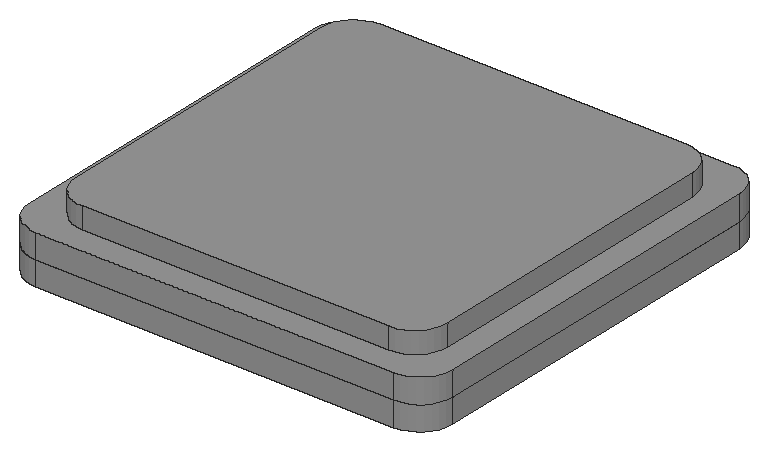
Revit family "FMS2_63_UN_Surface-mounted_ETK", category Lighting Fixtures, Revit 2019 (continued)
Definition of nested family "FMS.2 - Lightsource"
  Types (14, lengths in mm): name | Wattage Comments | Wattage | built-in parameter 1150134 | Photometric Web File | built-in parameter 1150142 | built-in parameter 1150105 | Lumens | built-in parameter 1150107 | built-in parameter 1150106 | Apparent Load
    FMS.1413.10 - Ø400 / 38W / 2800lm / 4000K | "38W" | 18.8499 W | 12 | "FMS.1413.10.ies" | "IESNA:LM-63-2002\r\n[TEST] /2015\r\n[TESTLAB] ies2eulumdat.appspot.com\r\n[ISSUEDATE] 2021-10-05T13:48:16.536\r\n[MANUFAC] www.etk.nl\r\n[LUMCAT] FMS.1413.10\r\n[LUMINAIRE] FMS.1 LED 38W 4000K 2800lm DALI ø400 Ledeshi Slice circle IV DALI\r\n[LAMPCAT] LED\r\n[LAMP] LED\r\nTILT=NONE\r\n1\t2862\t1\t181\t72\t1\t2\t-0.400\t-0.400\t0\r\n1.0\t1.0\t15.60\r\n0\t 0.5\t 1\t 1.5\t 2\t 2.5\t 3\t 3.5\t 4\t 4.5\r\n5\t 5.5\t 6\t 6.5\t 7\t 7.5\t 8\t 8.5\t 9\t 9.5\r\n10\t 10.5\t 11\t 11.5\t 12\t 12.5\t 13\t 13.5\t 14\t 14.5\r\n15\t 15.5\t 16\t 16.5\t 17\t 17.5\t 18\t 18.5\t 19\t 19.5\r\n20\t 20.5\t 21\t 21.5\t 22\t 22.5\t 23\t 23.5\t 24\t 24.5\r\n25\t 25.5\t 26\t 26.5\t 27\t 27.5\t 28\t 28.5\t 29\t 29.5\r\n30\t 30.5\t 31\t 31.5\t 32\t 32.5\t 33\t 33.5\t 34\t 34.5\r\n35\t 35.5\t 36\t 36.5\t 37\t 37.5\t 38\t 38.5\t 39\t 39.5\r\n40\t 40.5\t 41\t 41.5\t 42\t 42.5\t 43\t 43.5\t 44\t 44.5\r\n45\t 45.5\t 46\t 46.5\t 47\t 47.5\t 48\t 48.5\t 49\t 49.5\r\n50\t 50.5\t 51\t 51.5\t 52\t 52.5\t 53\t 53.5\t 54\t 54.5\r\n55\t 55.5\t 56\t 56.5\t 57\t 57.5\t 58\t 58.5\t 59\t 59.5\r\n60\t 60.5\t 61\t 61.5\t 62\t 62.5\t 63\t 63.5\t 64\t 64.5\r\n65\t 65.5\t 66\t 66.5\t 67\t 67.5\t 68\t 68.5\t 69\t 69.5\r\n70\t 70.5\t 71\t 71.5\t 72\t 72.5\t 73\t 73.5\t 74\t 74.5\r\n75\t 75.5\t 76\t 76.5\t 77\t 77.5\t 78\t 78.5\t 79\t 79.5\r\n80\t 80.5\t 81\t 81.5\t 82\t 82.5\t 83\t 83.5\t 84\t 84.5\r\n85\t 85.5\t 86\t 86.5\t 87\t 87.5\t 88\t 88.5\t 89\t 89.5\r\n90\r\n0\t 5\t 10\t 15\t 20\t 25\t 30\t 35\t 40\t 45\r\n50\t 55\t 60\t 65\t 70\t 75\t 80\t 85\t 90\t 95\r\n100\t 105\t 110\t 115\t 120\t 125\t 130\t 135\t 140\t 145\r\n150\t 155\t 160\t 165\t 170\t 175\t 180\t 185\t 190\t 195\r\n200\t 205\t 210\t 215\t 220\t 225\t 230\t 235\t 240\t 245\r\n250\t 255\t 260\t 265\t 270\t 275\t 280\t 285\t 290\t 295\r\n300\t 305\t 310\t 315\t 320\t 325\t 330\t 335\t 340\t 345\r\n350\t 355\r\n985.1004\t984.2418\t983.3832\t983.6694\t983.6694\t983.6694\t983.6694\t983.097\t982.2384\t981.3798\r\n980.5212\t979.9488\t979.3764\t978.2316\t976.8006\t975.6558\t974.511\t972.7938\t971.0766\t969.6456\r\n968.2146\t966.2112\t964.2078\t962.4906\t960.4872\t958.4838\t956.4804\t954.477\t952.4736\t950.184\r\n947.8944\t945.0324\t942.4566\t939.5946\t936.7326\t933.8706\t930.7224\t927.288\t923.8536\t920.9916\r\n918.4158\t914.6952\t910.9746\t907.254\t903.5334\t899.8128\t896.0922\t891.7992\t887.5062\t883.4994\r\n879.2064\t875.1996\t870.9066\t866.8998\t862.6068\t857.7414\t853.1622\t848.0106\t842.859\t837.9936\r\n833.1282\t828.549\t823.9698\t819.1044\t813.9528\t808.515\t803.0772\t797.9256\t792.774\t787.05\r\n781.326\t775.602\t770.1642\t764.154\t758.1438\t752.706\t746.982\t740.9718\t734.9616\t728.6652\r\n722.655\t716.6448\t710.6346\t704.3382\t698.328\t692.0316\t685.7352\t678.8664\t672.2838\t665.415\r\n658.5462\t651.9636\t645.381\t638.7984\t632.502\t625.347\t618.192\t611.3232\t604.1682\t597.5856\r\n590.7168\t583.5618\t576.4068\t568.9656\t561.5244\t554.3694\t546.9282\t539.487\t532.0458\t524.6046\r\n517.1634\t510.0084\t502.5672\t495.126\t487.6848\t480.2436\t472.8024\t465.075\t457.0614\t449.334\r\n441.3204\t433.8792\t426.1518\t418.1382\t410.1246\t402.3972\t394.3836\t386.37\t378.3564\t370.629\r\n362.6154\t354.6018\t346.5882\t338.5746\t330.8472\t322.5474\t314.5338\t306.8064\t298.7928\t291.0654\r\n283.0804\t275.0096\t266.9387\t258.9824\t251.0546\t243.3272\t235.6285\t227.8152\t220.0019\t212.4176\r\n204.8333\t197.3349\t189.8651\t182.5384\t175.2116\t167.8563\t160.5296\t153.6608\t146.792\t139.9232\r\n133.0544\t126.4432\t119.8319\t113.4783\t107.1247\t100.9427\t94.7608\t88.9223\t83.0552\t77.3885\r\n71.7503\t66.4556\t61.1609\t56.5245\t51.8594\t47.223\t42.5866\t39.8677\t37.1488\t36.4046\r\n35.6319\r\n985.1004\t984.2418\t983.3832\t983.3832\t983.3832\t983.3832\t983.3832\t982.5246\t981.666\t980.8074\r\n979.9488\t979.3764\t978.804\t977.373\t975.942\t974.7972\t973.6524\t971.9352\t970.218\t968.5008\r\n967.0698\t965.0664\t963.3492\t961.3458\t959.3424\t957.0528\t955.0494\t953.046\t951.0426\t948.753\r\n946.4634\t943.6014\t940.7394\t937.8774\t935.0154\t931.8672\t928.719\t925.5708\t922.1364\t918.9882\r\n916.1262\t912.6918\t908.9712\t905.2506\t901.53\t897.8094\t893.8026\t889.5096\t885.5028\t881.2098\r\n877.203\t872.91\t868.617\t864.324\t860.031\t855.4518\t850.8726\t846.0072\t840.8556\t835.9902\r\n831.1248\t826.5456\t821.6802\t816.8148\t811.6632\t806.5116\t801.0738\t795.636\t790.4844\t785.0466\r\n779.3226\t773.5986\t768.1608\t762.4368\t756.7128\t750.7026\t744.9786\t738.9684\t732.9582\t726.948\r\n720.9378\t714.6414\t708.6312\t702.621\t696.6108\t690.3144\t684.018\t677.4354\t670.8528\t664.2702\r\n657.4014\t650.8188\t644.2362\t637.6536\t631.071\t624.4884\t617.3334\t610.4646\t603.5958\t596.727\r\n589.8582\t582.9894\t575.8344\t568.6794\t561.5244\t554.3694\t546.9282\t539.7732\t532.332\t524.8908\r\n517.4496\t510.2946\t503.1396\t495.9846\t488.2572\t480.5298\t472.8024\t465.3612\t457.6338\t450.1926\r\n442.4652\t434.7378\t427.0104\t419.283\t411.2694\t403.542\t395.8146\t388.0872\t380.0736\t372.06\r\n364.0464\t356.0328\t347.733\t339.7194\t331.4196\t323.406\t315.1062\t307.0926\t299.079\t291.0654\r\n283.0232\t275.0668\t267.0818\t259.0682\t251.1977\t243.4417\t235.6571\t227.8724\t220.2023\t212.6466\r\n205.1768\t197.7928\t190.4089\t183.0249\t175.4978\t168.3142\t161.1878\t154.0615\t146.9923\t140.238\r\n133.684\t127.2731\t120.9767\t114.6803\t107.6971\t100.5134\t92.9864\t85.1445\t76.9592\t68.4018\r\n60.1306\t52.4318\t45.5058\t39.8677\t35.0595\t31.7968\t29.0779\t26.4964\t24.0866\t3.3772\r\n0\r\n985.1004\t984.2418\t983.097\t983.097\t983.097\t983.097\t983.097\t982.2384\t981.3798\t980.235\r\n979.3764\t978.804\t977.9454\t976.8006\t975.3696\t973.9386\t972.7938\t971.0766\t969.3594\t967.6422\r\n966.2112\t964.494\t962.4906\t960.4872\t958.4838\t956.1942\t954.1908\t951.9012\t949.8978\t947.6082\r\n945.3186\t942.7428\t939.8808\t937.0188\t933.8706\t931.0086\t927.8604\t924.7122\t921.2778\t918.1296\r\n914.9814\t911.8332\t908.1126\t904.392\t900.6714\t897.237\t893.2302\t889.2234\t884.9304\t880.9236\r\n876.6306\t872.3376\t868.3308\t864.0378\t859.4586\t855.1656\t850.5864\t846.0072\t841.1418\t836.5626\r\n831.6972\t826.8318\t821.9664\t817.101\t812.2356\t807.3702\t801.9324\t796.4946\t791.343\t786.1914\r\n780.7536\t775.3158\t769.5918\t764.154\t758.7162\t752.9922\t747.2682\t741.258\t735.2478\t729.2376\r\n723.2274\t717.2172\t711.4932\t705.1968\t699.4728\t693.4626\t687.4524\t681.156\t674.8596\t668.5632\r\n662.2668\t655.398\t648.5292\t641.6604\t634.5054\t627.6366\t620.7678\t613.6128\t606.4578\t599.3028\r\n591.8616\t584.9928\t577.8378\t570.3966\t563.2416\t555.8004\t548.3592\t540.918\t533.4768\t525.7494\r\n518.3082\t510.5808\t503.1396\t495.4122\t487.971\t480.5298\t472.8024\t465.075\t457.3476\t449.6202\r\n441.8928\t434.1654\t426.438\t418.4244\t410.697\t402.9696\t395.5284\t387.801\t380.3598\t372.3462\r\n364.3326\t356.0328\t347.733\t339.7194\t331.4196\t323.406\t315.3924\t307.3788\t299.3652\t291.6378\r\n283.6242\t275.8109\t268.1122\t260.4706\t252.9436\t245.4451\t237.9753\t230.2479\t222.2629\t214.4497\r\n206.6936\t198.9949\t191.3819\t183.8835\t176.5282\t169.2873\t162.3326\t155.378\t148.2802\t141.2969\r\n134.4854\t127.7883\t121.1198\t114.5086\t106.9816\t98.9393\t90.983\t83.1983\t75.614\t68.5449\r\n62.134\t55.9521\t50.085\t44.7331\t40.4687\t36.376\t32.4265\t21.7541\t4.4819\t0\r\n0\r\n985.1004\t983.9556\t983.097\t983.097\t983.097\t982.8108\t982.5246\t981.9522\t980.8074\t979.9488\r\n979.0902\t978.2316\t977.373\t976.2282\t974.7972\t973.3662\t972.2214\t970.7904\t968.787\t967.0698\r\n965.6388\t963.9216\t961.9182\t959.9148\t957.9114\t955.908\t953.6184\t951.3288\t949.3254\t947.0358\r\n944.7462\t942.4566\t939.5946\t936.7326\t933.5844\t930.7224\t927.5742\t924.426\t921.2778\t918.1296\r\n914.9814\t911.8332\t908.3988\t904.6782\t901.2438\t897.8094\t894.0888\t890.082\t886.0752\t881.7822\r\n877.7754\t873.7686\t869.4756\t865.4688\t861.1758\t856.5966\t852.3036\t847.7244\t843.4314\t838.8522\r\n834.273\t829.6938\t824.8284\t819.963\t815.3838\t810.5184\t805.653\t800.5014\t795.0636\t789.6258\r\n783.9018\t778.464\t772.4538\t766.7298\t760.7196\t754.9956\t748.9854\t742.9752\t736.3926\t730.0962\r\n723.7998\t717.2172\t710.9208\t704.6244\t698.328\t692.0316\t685.7352\t679.4388\t672.8562\t666.2736\r\n659.691\t652.8222\t646.2396\t639.3708\t632.7882\t625.9194\t619.0506\t612.1818\t605.313\t598.4442\r\n591.8616\t584.7066\t577.8378\t570.6828\t563.814\t556.659\t549.504\t542.0628\t534.9078\t527.7528\r\n520.3116\t512.8704\t505.143\t497.1294\t489.402\t481.3884\t473.661\t466.2198\t458.4924\t450.765\r\n443.0376\t435.3102\t427.2966\t419.5692\t411.8418\t404.1144\t396.387\t388.6596\t381.2184\t373.491\r\n366.0498\t358.3224\t350.3088\t342.009\t333.9954\t325.6956\t317.3958\t309.096\t301.0824\t293.0688\r\n285.0552\t277.1275\t269.3142\t261.6154\t253.9739\t246.3896\t238.6336\t230.62\t222.8067\t215.1365\r\n207.5522\t200.0824\t192.6985\t185.429\t178.2454\t171.2048\t164.0785\t156.9521\t149.9974\t143.1286\r\n136.4315\t129.7917\t123.295\t116.8555\t110.0439\t103.1751\t96.3349\t89.552\t82.7977\t76.072\r\n69.9759\t64.166\t58.4707\t52.9184\t47.452\t39.5528\t23.0963\t6.6627\t0\t0\r\n0\r\n985.1004\t983.9556\t983.097\t982.8108\t982.8108\t982.5246\t982.2384\t981.666\t980.5212\t979.6626\r\n978.5178\t977.6592\t976.8006\t975.942\t974.511\t973.08\t971.649\t970.5042\t968.5008\t966.7836\r\n965.0664\t963.6354\t961.632\t959.9148\t957.9114\t955.908\t953.6184\t951.3288\t949.3254\t947.0358\r\n944.7462\t942.4566\t940.167\t937.305\t934.443\t931.2948\t928.1466\t925.2846\t922.1364\t918.9882\r\n916.1262\t912.978\t909.5436\t906.1092\t902.6748\t899.2404\t895.806\t892.6578\t888.651\t884.358\r\n880.6374\t876.6306\t872.6238\t868.3308\t864.324\t860.031\t855.1656\t850.014\t844.8624\t839.997\r\n835.1316\t830.2662\t825.1146\t819.6768\t814.5252\t809.0874\t803.9358\t798.498\t793.0602\t787.3362\r\n781.6122\t775.8882\t770.4504\t764.7264\t759.0024\t753.2784\t747.2682\t741.5442\t735.534\t729.81\r\n723.7998\t717.5034\t711.4932\t705.1968\t698.9004\t692.604\t686.3076\t680.2974\t674.2872\t667.9908\r\n661.6944\t655.1118\t648.5292\t641.9466\t635.364\t628.4952\t621.3402\t614.1852\t607.0302\t599.8752\r\n592.7202\t585.5652\t578.4102\t571.2552\t564.1002\t556.9452\t549.504\t542.0628\t534.6216\t527.4666\r\n520.0254\t512.5842\t505.4292\t498.2742\t490.833\t483.678\t476.2368\t469.0818\t461.6406\t454.1994\r\n445.8996\t437.5998\t429.8724\t421.8588\t414.1314\t405.8316\t397.5318\t389.5182\t381.5046\t373.7772\r\n365.7636\t357.75\t350.0226\t342.2952\t334.5678\t326.8404\t318.8268\t310.8132\t302.5134\t294.4998\r\n286.4862\t278.6157\t270.7452\t262.9606\t255.2332\t247.563\t240.0073\t232.5947\t225.2394\t217.4834\r\n209.8132\t202.2003\t194.7019\t187.2893\t180.0198\t172.8076\t165.7098\t158.7265\t151.915\t145.2751\r\n138.6925\t132.2244\t125.7849\t119.4313\t113.1349\t106.9243\t100.7996\t94.7322\t88.6361\t82.5973\r\n76.6157\t70.6628\t64.7671\t58.9286\t43.1876\t26.3733\t9.5934\t0\t0\t0\r\n0\r\n985.1004\t983.9556\t983.097\t982.8108\t982.5246\t982.2384\t981.9522\t981.3798\t980.235\t979.3764\r\n978.2316\t977.373\t976.5144\t975.3696\t974.2248\t972.7938\t971.3628\t970.218\t968.5008\t966.7836\r\n965.0664\t963.3492\t961.632\t959.9148\t958.1976\t956.1942\t954.1908\t951.9012\t949.6116\t947.6082\r\n945.3186\t943.029\t940.7394\t938.4498\t935.5878\t932.7258\t929.8638\t926.7156\t923.8536\t920.7054\r\n917.8434\t914.9814\t911.8332\t908.685\t905.2506\t901.8162\t897.8094\t893.8026\t889.7958\t885.789\r\n880.9236\t876.3444\t871.7652\t867.186\t862.6068\t857.7414\t853.1622\t848.2968\t843.7176\t838.566\r\n833.7006\t828.549\t823.6836\t818.8182\t813.6666\t808.8012\t803.3634\t797.9256\t792.774\t787.6224\r\n782.1846\t776.7468\t771.0228\t765.585\t760.4334\t754.7094\t748.9854\t743.2614\t737.5374\t732.0996\r\n726.3756\t720.6516\t714.3552\t707.7726\t701.4762\t694.8936\t688.311\t681.4422\t674.8596\t667.9908\r\n661.4082\t654.8256\t648.243\t641.6604\t634.7916\t628.209\t621.054\t614.1852\t607.6026\t600.7338\r\n593.865\t586.9962\t580.1274\t573.2586\t566.3898\t559.521\t552.9384\t546.3558\t539.2008\t531.1872\r\n523.1736\t515.4462\t507.4326\t499.7052\t491.6916\t483.678\t475.9506\t468.2232\t460.782\t453.0546\r\n445.3272\t437.886\t430.1586\t422.4312\t414.7038\t406.9764\t399.5352\t391.5216\t383.508\t375.4944\r\n367.4808\t359.4672\t351.4536\t343.44\t335.4264\t327.4128\t319.6854\t311.958\t304.2306\t296.5032\r\n288.7758\t281.2487\t273.1493\t265.1357\t257.2079\t249.3661\t241.61\t233.9685\t226.3842\t218.8571\r\n211.3587\t203.9175\t196.5622\t189.2927\t182.1663\t175.1258\t168.1425\t161.2165\t154.4049\t147.622\r\n140.9249\t134.3137\t127.7597\t121.4633\t115.4531\t109.5001\t103.5758\t97.7087\t91.8702\t86.0603\r\n80.2791\t74.5551\t63.0785\t46.3358\t29.5931\t12.8275\t0\t0\t0\t0\r\n0\r\n985.1004\t983.9556\t983.097\t982.5246\t982.2384\t981.9522\t981.666\t981.0936\t980.235\t979.0902\r\n978.2316\t977.0868\t976.2282\t975.0834\t973.9386\t972.7938\t971.3628\t969.9318\t968.5008\t967.0698\r\n965.3526\t963.6354\t961.9182\t960.201\t958.4838\t956.7666\t954.7632\t952.7598\t950.7564\t948.4668\r\n946.1772\t944.1738\t941.8842\t939.5946\t937.305\t935.0154\t932.1534\t929.2914\t926.4294\t923.2812\r\n919.2744\t915.5538\t911.8332\t908.1126\t904.392\t900.3852\t896.3784\t892.0854\t887.7924\t883.4994\r\n879.4926\t875.4858\t870.9066\t866.3274\t861.7482\t857.4552\t852.876\t848.2968\t843.4314\t838.8522\r\n834.273\t829.6938\t824.8284\t819.6768\t814.8114\t809.6598\t804.7944\t799.929\t795.3498\t789.912\r\n784.4742\t779.3226\t774.4572\t768.7332\t762.4368\t756.1404\t750.1302\t744.12\t738.1098\t731.8134\r\n725.517\t719.2206\t712.9242\t706.6278\t700.3314\t694.3212\t688.0248\t681.7284\t675.1458\t668.8494\r\n662.553\t656.2566\t649.9602\t643.6638\t637.3674\t630.7848\t624.4884\t617.9058\t611.6094\t604.4544\r\n597.0132\t589.572\t582.1308\t574.6896\t567.2484\t559.8072\t552.0798\t544.6386\t537.1974\t529.7562\r\n522.315\t514.8738\t507.4326\t499.9914\t492.8364\t485.3952\t477.954\t470.5128\t463.0716\t455.3442\r\n447.3306\t439.317\t431.3034\t423.2898\t415.2762\t407.5488\t399.8214\t392.094\t384.3666\t376.6392\r\n368.9118\t361.1844\t353.457\t345.7296\t338.2884\t330.2748\t322.2612\t314.2476\t306.234\t298.2204\r\n290.2068\t282.136\t274.2368\t266.4522\t258.7248\t251.0546\t243.4131\t235.8002\t228.3017\t220.8892\r\n213.5338\t206.2357\t198.9662\t191.7254\t184.5704\t177.444\t170.3749\t163.363\t156.4083\t149.4823\r\n142.8997\t136.5746\t130.2782\t124.0105\t117.7999\t111.6466\t105.4933\t99.3973\t93.3298\t87.2624\r\n80.4508\t64.3378\t48.2247\t32.1116\t15.9757\t0\t0\t0\t0\t0\r\n0\r\n985.1004\t983.9556\t982.8108\t982.2384\t981.9522\t981.666\t981.3798\t980.8074\t979.9488\t979.0902\r\n977.9454\t977.0868\t975.942\t974.7972\t973.9386\t972.7938\t971.3628\t969.9318\t968.787\t967.356\r\n965.925\t963.9216\t962.2044\t960.7734\t959.0562\t957.339\t955.6218\t953.9046\t951.9012\t950.184\r\n947.8944\t945.891\t943.6014\t941.3118\t939.3084\t936.1602\t933.012\t929.5776\t925.857\t922.1364\r\n918.4158\t914.409\t910.6884\t906.9678\t902.961\t899.2404\t895.5198\t891.7992\t887.5062\t883.4994\r\n879.2064\t874.9134\t870.6204\t866.3274\t862.3206\t858.0276\t853.7346\t849.4416\t845.1486\t840.5694\r\n836.2764\t831.6972\t827.118\t822.5388\t817.9596\t813.3804\t807.6564\t801.9324\t795.9222\t790.1982\r\n784.188\t778.7502\t773.0262\t767.3022\t761.292\t755.2818\t749.5578\t743.8338\t738.1098\t732.0996\r\n726.0894\t720.0792\t714.069\t708.345\t702.3348\t696.3246\t690.3144\t684.3042\t678.0078\t671.9976\r\n665.9874\t659.4048\t652.2498\t645.0948\t637.9398\t631.071\t623.916\t616.761\t609.8922\t602.7372\r\n595.5822\t588.7134\t581.5584\t574.4034\t567.2484\t560.0934\t552.9384\t545.7834\t538.9146\t531.7596\r\n524.8908\t517.7358\t510.2946\t502.281\t494.5536\t486.8262\t479.0988\t471.3714\t463.644\t455.9166\r\n448.1892\t440.4618\t432.7344\t425.007\t417.5658\t409.8384\t402.3972\t394.956\t387.5148\t379.7874\r\n371.4876\t363.474\t355.1742\t347.1606\t339.147\t331.1334\t323.1198\t315.1062\t307.3788\t299.6514\r\n291.6378\t284.0249\t276.3261\t268.6273\t260.9858\t253.4015\t245.8458\t238.3474\t230.8775\t223.4077\r\n215.9665\t208.5826\t201.2272\t193.9005\t186.6024\t179.3902\t172.2065\t165.395\t158.7838\t152.2298\r\n145.7044\t139.1791\t132.7109\t126.2428\t119.8033\t113.3924\t107.0102\t100.6565\t94.3315\t82.8263\r\n67.0567\t51.3157\t35.546\t19.7793\t4.0125\t0\t0\t0\t0\t0\r\n0\r\n985.1004\t983.9556\t982.8108\t982.2384\t981.9522\t981.3798\t981.0936\t980.5212\t979.9488\t978.804\r\n977.9454\t976.8006\t975.942\t974.7972\t973.6524\t972.7938\t971.3628\t970.218\t968.787\t967.6422\r\n966.2112\t964.7802\t963.063\t961.632\t959.9148\t958.1976\t956.7666\t955.0494\t953.3322\t951.9012\r\n949.8978\t947.6082\t944.46\t941.0256\t937.8774\t934.7292\t931.2948\t928.1466\t924.7122\t921.564\r\n918.1296\t914.409\t910.6884\t906.6816\t902.961\t899.2404\t895.5198\t891.7992\t888.0786\t884.0718\r\n880.3512\t876.3444\t872.3376\t868.617\t864.0378\t859.7448\t855.4518\t851.1588\t846.8658\t842.859\r\n837.7074\t832.5558\t827.4042\t822.2526\t816.8148\t811.377\t806.2254\t800.7876\t795.3498\t789.912\r\n784.4742\t778.7502\t773.3124\t767.5884\t761.8644\t756.1404\t750.7026\t744.9786\t739.5408\t733.8168\r\n728.379\t722.9412\t717.2172\t711.7794\t705.7692\t698.9004\t692.0316\t685.1628\t678.5802\t671.7114\r\n664.8426\t658.26\t651.3912\t644.5224\t637.9398\t631.071\t624.2022\t617.3334\t610.4646\t603.5958\r\n596.727\t589.8582\t582.9894\t576.1206\t569.538\t562.6692\t555.228\t547.5006\t540.0594\t532.332\r\n524.8908\t517.4496\t510.0084\t502.5672\t495.126\t487.3986\t479.9574\t472.5162\t465.075\t457.6338\r\n450.1926\t443.0376\t435.5964\t428.1552\t420.1416\t412.128\t404.1144\t396.1008\t388.3734\t380.3598\r\n372.3462\t364.3326\t356.319\t348.5916\t340.578\t332.8506\t325.1232\t317.3958\t309.6684\t301.941\r\n294.2136\t286.2\t278.5585\t270.8311\t263.1895\t255.548\t247.9637\t240.3794\t232.8523\t225.3539\r\n217.9127\t210.4715\t203.0875\t195.7322\t188.5486\t181.7084\t174.8682\t168.0853\t161.3309\t154.5766\r\n147.8795\t141.1825\t134.514\t127.8455\t121.2343\t114.6231\t108.0405\t101.4579\t86.5183\t70.949\r\n55.4083\t39.8677\t24.3012\t8.7491\t0\t0\t0\t0\t0\t0\r\n0\r\n985.1004\t983.9556\t982.8108\t981.9522\t981.666\t981.0936\t980.
